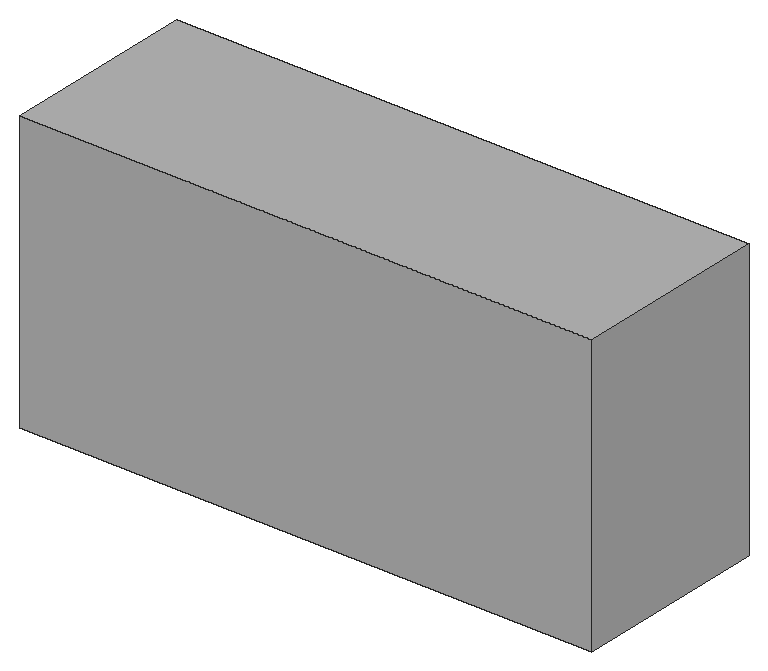
Revit family "150x215x440mm Padstone -PS123", category Generic Models, Revit 2020
Family settings
  Can host rebar = No
  Round Connector Dimension = Use Diameter
  Part Type = Normal
  Work Plane-Based = No
  Always vertical = Yes
  Cut with Voids When Loaded = No
  Shared = No
  Room Calculation Point = No
Parameters
  Weight = "34Kg"
  Warranty Guarantor Parts = "n/a"
  Warranty Guarantor Labour = "n/a"
  Warranty Duration Unit = "n/a"
  Warranty Duration Parts = "n/a"
  Warranty Duration Labour = "n/a"
  Warranty Description = "n/a"
  Unit Width [instance] = 150 mm
  Unit Length [instance] = 440 mm
  Unit Height [instance] = 215 mm
  URL = "www.killeshal.com"
  Types = "Single"
  Type Comments = "Visit our website for a full list of available products."
  Sustainability Performance = "n/a"
  Structural Class = "n/a"
  Span = "Length."
  Slope = "0.00°"
  Size = "150 Wide x 215 High x 440mm Long."
  Shape = "As per drawing"
  Service Life = "0.000000"
  Serial Number = "n/a"
  Resistance to Fire = "n/a"
  Replacement Cost = "n/a"
  Reference = "n/a"
  Notified Body = "n/a"
  Nominal Cover to Main Bar = "n/a"
  Model = "P/123 Padstone."
  Mechanical Resistance = "n/a"
  Manufacturer = "Killeshal Precast Concrete Ltd."
  Load Bearing = yes
  Life Cycle Environmental Load = "n/a"
  Length Options = "Stock sizes available. Custom sizes made to order."
  Keynote = "The information contained is the sole property of KPC Ltd., any reproduction in part or whole without permission of KPC Ltd. is prohibited."
  Environmental Product Declaration = "n/a"
  Environmental Class = "n/a"
  Durability against Corrosion = "n/a"
  Dimension Accuracy Class = "n/a"
  Detailing = "As per design specification and product drawings."
  Description = "Padstone 150 x 215 x 440mm."
  Default Elevation = 0 mm
  Dangerous Substances = "n/a"
  Contact Tel = "0035357 9353018"
  Contact Email = "sales@killeshal.com"
  Construction Type = "Precast"
  Construction Tolerance Class = "n/a"
  Compressive Strength of Concrete = "40N/mm²"
  Characteristics of Reinforcing Steel = "n/a"
  Characteristics Deflection Under Load = "n/a"
Reference planes
  plane 1 "Center (Front/Back)": y = 0
  plane 2: z = 0
  plane 3 "Center (Left/Right)": x = 0
  plane 4 "Rear": y = 75
  plane 5 "Front": y = -75
  plane 6 "Top": z = 215
Forms (mm)
  Extrusion 1, solid, material "Precast Concrete (KPC)"
    sketch origin (0, 0, 0) x (0, 1, 0) y (0, 0, 1)
      loop
        line (75, 0) -> (75, 215) -> (-75, 215) -> (-75, 0) -> (75, 0)
    from 0 to 440
Dimensions and locks
  "Unit Length": Extrusion 1 to Extrusion 1
  "Unit Width": Extrusion 1 to Extrusion 1
  "Unit Height": Extrusion 1 to Extrusion 1
  aligned and locked: level to plane 2
Automatic sketch dimensions
  Extrusion 1 sketch curve to level = 0 mm
  Extrusion 1 sketch curve to plane 5 "Front" = 0 mm
  Extrusion 1 sketch curve to plane 4 "Rear" = 0 mm
  Extrusion 1 sketch curve to plane 6 "Top" = 0 mm
